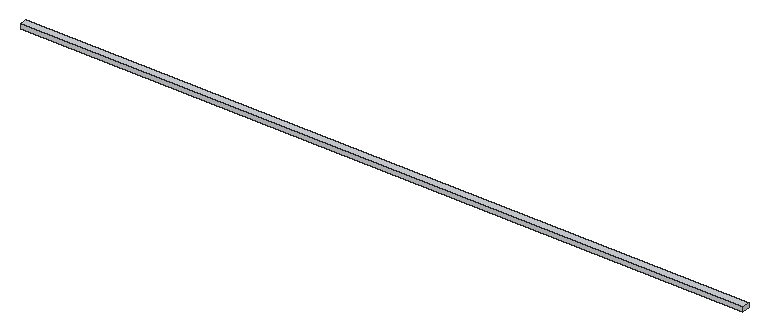
Revit family "SUPERBRILLOSA 2216 IP 20_S242280.W.1", category Luminarias, Revit 2019
Family settings
  Cota de conector redondo = Diámetro de uso
  Tipo de pieza = Normal
  Se basa en plano de trabajo = Sí
  Siempre vertical = No
  Corte con vacíos al cargar = No
  Origen de luz = Sí
  Compartido = No
  Punto de cálculo de habitación = No
Parameters (values of type "SUPERBRILLOSA 2216 IP 20_S242280.W.1")
  Tilt Angle = 60.00°
  Zone [instance] = ""
  Watt per fixture [instance] = (Longitud / 1000 mm) * (24)  # 24
  Wattage = 24 W
  built-in parameter 1150107 = 3000 (stored number, unit not read)
  built-in parameter 1150110 = 1 (stored number, unit not read)
  built-in parameter 1150109 = 1 (stored number, unit not read)
  built-in parameter 1150112 = 1 (stored number, unit not read)
  built-in parameter 1150113 = 1 (stored number, unit not read)
  built-in parameter 1114218 = 1 (stored number, unit not read)
  built-in parameter 1150137 = (empty or 0)
  built-in parameter 1150132 = (empty or 0)
  Modelo = "S242280.W.1"
  Lámpara = "2216 SMD"
  Longitud de línea de emisión = 600 mm
  Longitud [instance] = 1000 mm
  built-in parameter 1150105 = 152.79 (stored number, unit not read)
  built-in parameter 1150102 = (empty or 0)
  built-in parameter 1150106 = 1.5279 (stored number, unit not read)
  Lumens = 1920 lm
  Color Filter = 16777215
  built-in parameter 1114217 = 1 (stored number, unit not read)
  built-in parameter 1150139 = (empty or 0)
  Fabricante = "BRILLANT"
  Default Elevation = 0 mm
  built-in parameter 1150104 = 7.4322 (stored number, unit not read)
  Descripción = "TIRA LED SUPERBRILLOSA 10MM DE ANCHO IP20 USO PARA INTERIORES, DE PCB BLANCO SIN RECUBRIMIENTO, MONO CROMATICA, CON UNA POTENCIA DE 24W/M DE UN TIPO DE LED 2216 SMD, IRC90, 280 LEDS POR METRO, PRESENTACION DE 5M, TEMPERATURA EN BLANCO CALIDO 3000K, 1970 LUMENES POR METRO, EFICIENCIA DE 80 LM/W, CORTE A 2.5CM, ALIMENTADA A 24V, REQUIERE ACCESORIOS COMO FUENTE DE PODER Y CABLE DE ALIMENTACION. PERFIL EN CASO DE SER NECESARIO."
  built-in parameter 1150115 = 1 (stored number, unit not read)
  built-in parameter 1150114 = 1 (stored number, unit not read)
  Costo USD_S242280 [instance] = (Longitud / 1000 mm) * (27)  # 27
  Cost = 0
  Comentarios de vataje = "24V"
  built-in parameter 1150138 = (empty or 0)
  built-in parameter 1150134 = (empty or 0)
  Circuit [instance] = ""
  Dimming Lamp Color Temperature Shift = (empty or 0)
  Archivo de red fotométrica = "S242280.W.1 _LDT.ies"
  Ancho = 10 mm
  built-in parameter 1150133 = 10 (stored number, unit not read)
Reference planes
  plane 1 "Centro (Frontal/Posterior)": y = 0
  plane 2: z = 0
  plane 3 "Centro (Izquierda/Derecha)": x = 0
  plane 4: x = 0
  plane 5: z = 12
  plane 6: x = -1000
  plane 7: y = 5
  plane 8: y = -5
Forms (mm)
  Extrusion 1, solid
    sketch origin (0, 0, 0) x (1, 0, 0) y (0, 1, 0)
      loop
        line (-1000, 5) -> (-1000, -5) -> (0, -5) -> (0, 5) -> (-1000, 5)
    from 0 to 6.038
Dimensions and locks
  "Longitud": plane 6 to plane 4
  equal spacing: plane 7, plane 1 "Centro (Frontal/Posterior)", plane 8
  plane 1 "Centro (Frontal/Posterior)" to plane 7 = 5 mm
  "Ancho": plane 7 to plane 8
  "Longitud": plane 6 to plane 3 "Centro (Izquierda/Derecha)"
  aligned and locked: level to plane 2
  aligned and locked: Extrusion 1 to plane 4
  aligned and locked: plane 6 to Extrusion 1
  aligned and locked: plane 3 "Centro (Izquierda/Derecha)" to Extrusion 1
  aligned and locked: Extrusion 1 to plane 7
  aligned and locked: Extrusion 1 to plane 8
Automatic sketch dimensions
  Extrusion 1 sketch curve to plane 6 = 0 mm
  Extrusion 1 sketch curve to plane 3 "Centro (Izquierda/Derecha)" = 0 mm
  plane 1 "Centro (Frontal/Posterior)" to Extrusion 1 sketch curve = 5 mm
  Extrusion 1 sketch curve to plane 1 "Centro (Frontal/Posterior)" = 5 mm
Connectors
  electrical at (0, 0, 3.019)
    settings: on Extrusion 1, index 1, voltage 24 V, apparent load 0 VA, apparent load phase1 0 VA, apparent load phase2 0 VA, apparent load phase3 0 VA, power factor 1, load classification "Otro", number of poles 1, system type 31, power factor state 1, is connector primary yes, connector utility no, sub classification motor no, connector description ""
